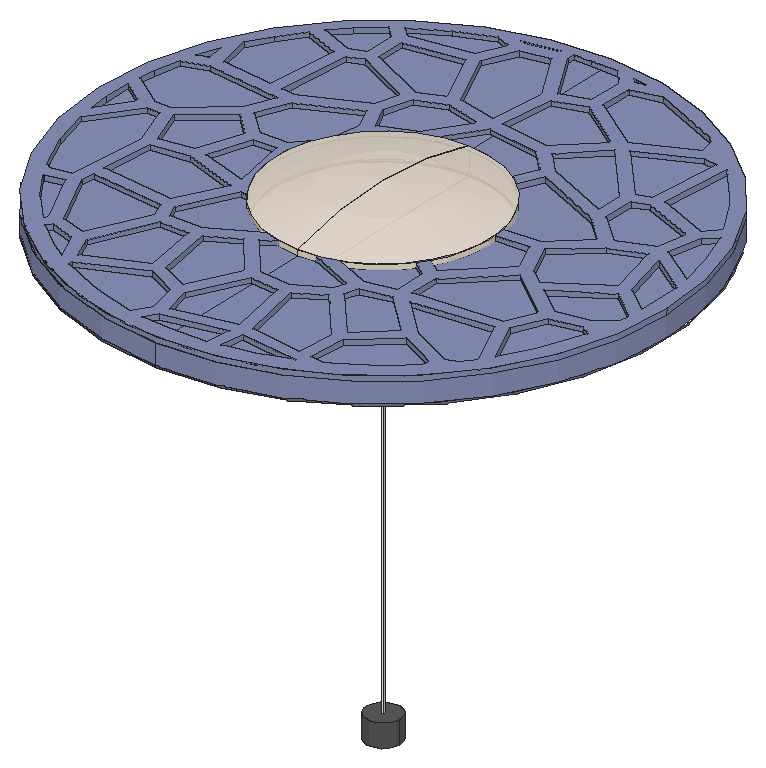
Revit family "Haworth_BuzziMoon_Light", category Lighting Fixtures, host Face, Revit 2018 (continued)
Definition of nested family "Haworth_BuzziMoon_Pendant_Large_PART"
  Automatic sketch dimensions
    Extrusion 5 sketch curve to Extrusion 5 sketch curve = 1.06773"
    plane 8 "Inside Back" to Extrusion 5 sketch curve = 0.51544"
    Extrusion 5 sketch curve to Extrusion 5 sketch curve = 4.77837"
    Extrusion 5 sketch curve to plane 8 "Inside Back" = 0.48743"
    Extrusion 5 sketch curve to Extrusion 5 sketch curve = 0.19104"
    Extrusion 5 sketch curve to plane 9 "Inside Front" = 3.69753"
    Extrusion 5 sketch curve to Extrusion 5 sketch curve = 0.99005"
    plane 10 "Cable Back" to Extrusion 5 sketch curve = 0.30795"
    Extrusion 5 sketch curve to Extrusion 5 sketch curve = 0.60019"
    Extrusion 5 sketch curve to plane 4 "Front" = 2.76216"
    Extrusion 5 sketch curve to Extrusion 5 sketch curve = 2.89799"
    Extrusion 5 sketch curve to plane 5 "Back" = 2.25194"
    Extrusion 5 sketch curve to Extrusion 5 sketch curve = 2.87472"
    Extrusion 5 sketch curve to Extrusion 5 sketch curve = 0.86664"
    plane 8 "Inside Back" to Extrusion 5 sketch curve = 0.21706"
    Extrusion 5 sketch curve to Extrusion 5 sketch curve = 0.93819"
    Extrusion 5 sketch curve to Extrusion 5 sketch curve = 0.23372"
    Extrusion 5 sketch curve to Extrusion 5 sketch curve = 0.05133"
    Extrusion 5 sketch curve to plane 9 "Inside Front" = 3.64438"
    Extrusion 5 sketch curve to Extrusion 5 sketch curve = 0.56586"
    Extrusion 5 sketch curve to plane 8 "Inside Back" = 2.36002"
    Extrusion 5 sketch curve to Extrusion 5 sketch curve = 0.359"
    plane 10 "Cable Back" to Extrusion 5 sketch curve = 1.11662"
    Extrusion 5 sketch curve to Extrusion 5 sketch curve = 0.59643"  (x2)
    Extrusion 5 sketch curve to Extrusion 5 sketch curve = 2.36905"
    plane 9 "Inside Front" to Extrusion 5 sketch curve = 1.64206"
    Extrusion 5 sketch curve to Extrusion 5 sketch curve = 0.2811"
    plane 10 "Cable Back" to Extrusion 5 sketch curve = 0.21873"
    Extrusion 5 sketch curve to Extrusion 5 sketch curve = 0.40322"  (x2)
    Extrusion 5 sketch curve to plane 4 "Front" = 2.43089"
    Extrusion 5 sketch curve to Extrusion 5 sketch curve = 0.99539"
    Extrusion 5 sketch curve to Extrusion 5 sketch curve = 0.88132"  (x2)
    Extrusion 5 sketch curve to plane 8 "Inside Back" = 1.66112"
    Extrusion 5 sketch curve to Extrusion 5 sketch curve = 0.74996"
    Extrusion 5 sketch curve to plane 5 "Back" = 2.75501"
    Extrusion 5 sketch curve to Extrusion 5 sketch curve = 1.25631"
    Extrusion 5 sketch curve to Extrusion 5 sketch curve = 0.78185"
    plane 9 "Inside Front" to Extrusion 5 sketch curve = 2.38482"
    Extrusion 5 sketch curve to Extrusion 5 sketch curve = 0.95751"
    Extrusion 5 sketch curve to plane 5 "Back" = 1.78296"
    Extrusion 5 sketch curve to Extrusion 5 sketch curve = 0.22019"
    Extrusion 5 sketch curve to Extrusion 5 sketch curve = 0.54966"  (x2)
    Extrusion 5 sketch curve to plane 5 "Back" = 1.97561"
    Extrusion 5 sketch curve to Extrusion 5 sketch curve = 0.48112"
    Extrusion 5 sketch curve to plane 5 "Back" = 1.63399"
    Extrusion 5 sketch curve to Extrusion 5 sketch curve = 0.12071"
    Extrusion 5 sketch curve to Extrusion 5 sketch curve = 0.30682"
    Extrusion 5 sketch curve to Extrusion 5 sketch curve = 0.43971"  (x2)
    plane 10 "Cable Back" to Extrusion 5 sketch curve = 1.96409"
    Extrusion 5 sketch curve to Extrusion 5 sketch curve = 1.91858"
    plane 10 "Cable Back" to Extrusion 5 sketch curve = 1.20306"
    Extrusion 5 sketch curve to Extrusion 5 sketch curve = 0.71307"
    Extrusion 5 sketch curve to Extrusion 5 sketch curve = 0.28604"
    plane 9 "Inside Front" to Extrusion 5 sketch curve = 0.98702"
    Extrusion 5 sketch curve to Extrusion 5 sketch curve = 2.34744"
    Extrusion 5 sketch curve to plane 8 "Inside Back" = 0.53252"
    Extrusion 5 sketch curve to Extrusion 5 sketch curve = 2.70638"
    Extrusion 5 sketch curve to plane 4 "Front" = 1.6841"
    Extrusion 5 sketch curve to Extrusion 5 sketch curve = 3.05862"
    Extrusion 5 sketch curve to Extrusion 5 sketch curve = 2.26903"
    Extrusion 5 sketch curve to Extrusion 5 sketch curve = 2.53339"  (x2)
    Extrusion 5 sketch curve to plane 9 "Inside Front" = 0.5465"
    Extrusion 5 sketch curve to Extrusion 5 sketch curve = 0.65159"
    Extrusion 5 sketch curve to Extrusion 5 sketch curve = 0.19689"
    Extrusion 5 sketch curve to Extrusion 5 sketch curve = 0.25172"
    plane 9 "Inside Front" to Extrusion 5 sketch curve = 0.47802"
    Extrusion 5 sketch curve to Extrusion 5 sketch curve = 0.85481"
    Extrusion 5 sketch curve to Extrusion 5 sketch curve = 0.9371"
    Extrusion 5 sketch curve to Extrusion 5 sketch curve = 1.09978"
    Extrusion 5 sketch curve to plane 8 "Inside Back" = 0.31021"
    Extrusion 5 sketch curve to Extrusion 5 sketch curve = 1.3314"
    Extrusion 5 sketch curve to Extrusion 5 sketch curve = 0.94454"
    Extrusion 5 sketch curve to Extrusion 5 sketch curve = 0.73253"
    Extrusion 5 sketch curve to Extrusion 5 sketch curve = 0.82303"
    Extrusion 5 sketch curve to plane 9 "Inside Front" = 0.17797"
    Extrusion 5 sketch curve to Extrusion 5 sketch curve = 1.10167"
    Extrusion 5 sketch curve to Extrusion 5 sketch curve = 0.89847"
    plane 10 "Cable Back" to Extrusion 5 sketch curve = 0.59177"
    Extrusion 5 sketch curve to plane 3 "Center (Left/Right)" = 1.40352"
    Extrusion 5 sketch curve to Extrusion 5 sketch curve = 0.38731"
    Extrusion 5 sketch curve to plane 3 "Center (Left/Right)" = 0.9784"
    Extrusion 5 sketch curve to plane 3 "Center (Left/Right)" = 0.85219"
    Extrusion 5 sketch curve to plane 3 "Center (Left/Right)" = 0.5055"
    Extrusion 5 sketch curve to plane 3 "Center (Left/Right)" = 0.3472"
    Extrusion 5 sketch curve to plane 3 "Center (Left/Right)" = 0.15046"
    Extrusion 5 sketch curve to plane 3 "Center (Left/Right)" = 0.10165"
    Extrusion 5 sketch curve to plane 3 "Center (Left/Right)" = 0.04402"
    plane 3 "Center (Left/Right)" to Extrusion 5 sketch curve = 0.10604"
    plane 3 "Center (Left/Right)" to Extrusion 5 sketch curve = 0.22207"
    plane 3 "Center (Left/Right)" to Extrusion 5 sketch curve = 0.45599"
    Extrusion 5 sketch curve to Extrusion 5 sketch curve = 0.84502"
    plane 3 "Center (Left/Right)" to Extrusion 5 sketch curve = 1.40498"
    Extrusion 5 sketch curve to plane 9 "Inside Front" = 0.11763"
    plane 3 "Center (Left/Right)" to Extrusion 5 sketch curve = 1.41769"
    plane 3 "Center (Left/Right)" to Extrusion 5 sketch curve = 2.22563"
    Extrusion 5 sketch curve to Extrusion 5 sketch curve = 1.08353"
    Extrusion 5 sketch curve to Extrusion 5 sketch curve = 0.27982"
    Extrusion 5 sketch curve to plane 5 "Back" = 1.12908"
    Extrusion 5 sketch curve to Extrusion 5 sketch curve = 0.32947"
    Extrusion 5 sketch curve to Extrusion 5 sketch curve = 0.42115"
    Extrusion 5 sketch curve to Extrusion 5 sketch curve = 1.9824"
    Extrusion 5 sketch curve to plane 9 "Inside Front" = 0.53765"
    Extrusion 5 sketch curve to plane 5 "Back" = 1.52053"
    Extrusion 5 sketch curve to Extrusion 5 sketch curve = 0.33667"
    Extrusion 5 sketch curve to Extrusion 5 sketch curve = 0.95714"
    Extrusion 5 sketch curve to Extrusion 5 sketch curve = 0.28325"
    Extrusion 5 sketch curve to Extrusion 5 sketch curve = 0.0128"
    Extrusion 5 sketch curve to Extrusion 5 sketch curve = 0.31812"
    Extrusion 5 sketch curve to plane 10 "Cable Back" = 0.14323"
    plane 3 "Center (Left/Right)" to Extrusion 5 sketch curve = 3.93183"
    Extrusion 5 sketch curve to plane 4 "Front" = 1.75624"
    Extrusion 5 sketch curve to Extrusion 5 sketch curve = 1.01562"
    Extrusion 5 sketch curve to plane 5 "Back" = 1.30814"
    Extrusion 5 sketch curve to Extrusion 5 sketch curve = 0.8312"
    plane 10 "Cable Back" to Extrusion 5 sketch curve = 0.84143"
    Extrusion 5 sketch curve to Extrusion 5 sketch curve = 0.05922"
    Extrusion 5 sketch curve to Extrusion 5 sketch curve = 0.98632"
    Extrusion 5 sketch curve to Extrusion 5 sketch curve = 0.00961"
    Extrusion 5 sketch curve to plane 8 "Inside Back" = 1.41818"
    Extrusion 5 sketch curve to Extrusion 5 sketch curve = 0.8784"
    plane 10 "Cable Back" to Extrusion 5 sketch curve = 0.31389"
    Extrusion 5 sketch curve to Extrusion 5 sketch curve = 0.86714"
    plane 9 "Inside Front" to Extrusion 5 sketch curve = 2.3941"
    Extrusion 5 sketch curve to Extrusion 5 sketch curve = 2.41791"
    Extrusion 5 sketch curve to Extrusion 5 sketch curve = 0.30593"
    plane 9 "Inside Front" to Extrusion 5 sketch curve = 1.42783"
    Extrusion 5 sketch curve to Extrusion 5 sketch curve = 0.39853"
    plane 8 "Inside Back" to Extrusion 5 sketch curve = 0.35855"
    Extrusion 5 sketch curve to Extrusion 5 sketch curve = 0.80611"
    Extrusion 5 sketch curve to plane 8 "Inside Back" = 2.01082"
    Extrusion 5 sketch curve to plane 5 "Back" = 1.8566"
    Extrusion 5 sketch curve to Extrusion 5 sketch curve = 1.82933"
    plane 9 "Inside Front" to Extrusion 5 sketch curve = 2.62974"
    Extrusion 5 sketch curve to Extrusion 5 sketch curve = 0.66156"
    plane 9 "Inside Front" to Extrusion 5 sketch curve = 0.63768"
    Extrusion 5 sketch curve to Extrusion 5 sketch curve = 0.67805"
    plane 9 "Inside Front" to Extrusion 5 sketch curve = 1.56971"
    Extrusion 5 sketch curve to Extrusion 5 sketch curve = 0.32811"
    Extrusion 5 sketch curve to plane 8 "Inside Back" = 0.17327"
    Extrusion 5 sketch curve to Extrusion 5 sketch curve = 0.83953"
    plane 8 "Inside Back" to Extrusion 5 sketch curve = 0.8766"
    Extrusion 5 sketch curve to Extrusion 5 sketch curve = 0.86765"
    Extrusion 5 sketch curve to plane 4 "Front" = 2.38585"
    Extrusion 5 sketch curve to Extrusion 5 sketch curve = 2.5833"
    Extrusion 5 sketch curve to plane 9 "Inside Front" = 3.46533"
    Extrusion 5 sketch curve to Extrusion 5 sketch curve = 1.02666"
    Extrusion 5 sketch curve to Extrusion 5 sketch curve = 2.20238"
    Extrusion 5 sketch curve to plane 4 "Front" = 2.72554"
    Extrusion 5 sketch curve to Extrusion 5 sketch curve = 0.95505"
    Extrusion 5 sketch curve to plane 9 "Inside Front" = 4.27802"
    plane 10 "Cable Back" to Extrusion 5 sketch curve = 3.22384"
    Extrusion 5 sketch curve to Extrusion 5 sketch curve = 0.75407"
    Extrusion 5 sketch curve to Extrusion 5 sketch curve = 0.81404"
    plane 9 "Inside Front" to Extrusion 5 sketch curve = 0.03915"
    Extrusion 5 sketch curve to Extrusion 5 sketch curve = 2.34242"
    Extrusion 5 sketch curve to Extrusion 5 sketch curve = 0.99355"
    plane 10 "Cable Back" to Extrusion 5 sketch curve = 3.78144"
    Extrusion 5 sketch curve to Extrusion 5 sketch curve = 0.82137"
    plane 9 "Inside Front" to Extrusion 5 sketch curve = 0.9665"
    Extrusion 5 sketch curve to Extrusion 5 sketch curve = 0.34646"
    Extrusion 5 sketch curve to plane 1 "Center (Front/Back)" = 1.62232"
    Extrusion 5 sketch curve to Extrusion 5 sketch curve = 3.08871"
    Extrusion 5 sketch curve to Extrusion 5 sketch curve = 0.26963"
    Extrusion 5 sketch curve to plane 9 "Inside Front" = 3.48567"
    Extrusion 5 sketch curve to Extrusion 5 sketch curve = 0.43446"
    Extrusion 5 sketch curve to plane 1 "Center (Front/Back)" = 0.64512"
    Extrusion 5 sketch curve to plane 4 "Front" = 3.29472"
    Extrusion 5 sketch curve to Extrusion 5 sketch curve = 0.53136"
    Extrusion 5 sketch curve to Extrusion 5 sketch curve = 0.55151"
    Extrusion 5 sketch curve to plane 9 "Inside Front" = 2.64819"
    Extrusion 5 sketch curve to Extrusion 5 sketch curve = 0.98425"
    Extrusion 5 sketch curve to plane 4 "Front" = 4.24117"
    Extrusion 5 sketch curve to Extrusion 5 sketch curve = 0.98179"
    plane 9 "Inside Front" to Extrusion 5 sketch curve = 0.78744"
    Extrusion 5 sketch curve to Extrusion 5 sketch curve = 0.58886"
    Extrusion 5 sketch curve to plane 4 "Front" = 4.13433"
    Extrusion 5 sketch curve to Extrusion 5 sketch curve = 1.13748"  (x2)
    Extrusion 5 sketch curve to plane 5 "Back" = 4.07861"
    Extrusion 5 sketch curve to Extrusion 5 sketch curve = 3.5539"
    Extrusion 5 sketch curve to plane 1 "Center (Front/Back)" = 0.86541"
    Extrusion 5 sketch curve to Extrusion 5 sketch curve = 2.67437"
    Extrusion 5 sketch curve to plane 4 "Front" = 4.58651"
    Extrusion 5 sketch curve to Extrusion 5 sketch curve = 0.91953"
    Extrusion 5 sketch curve to plane 1 "Center (Front/Back)" = 1.86107"
    Extrusion 5 sketch curve to Extrusion 5 sketch curve = 0.09799"
    Extrusion 5 sketch curve to plane 8 "Inside Back" = 1.31069"
    Extrusion 5 sketch curve to Extrusion 5 sketch curve = 5.45456"
    plane 9 "Inside Front" to Extrusion 5 sketch curve = 4.15372"
    Extrusion 5 sketch curve to Extrusion 5 sketch curve = 2.65806"
    Extrusion 5 sketch curve to plane 5 "Back" = 4.44237"
    Extrusion 5 sketch curve to Extrusion 5 sketch curve = 0.59364"
    Extrusion 5 sketch curve to plane 8 "Inside Back" = 2.46324"
    Extrusion 5 sketch curve to Extrusion 5 sketch curve = 0.22661"
    Extrusion 5 sketch curve to Extrusion 5 sketch curve = 0.33935"
    Extrusion 5 sketch curve to plane 1 "Center (Front/Back)" = 1.2589"
    Extrusion 5 sketch curve to Extrusion 5 sketch curve = 0.90247"
    Extrusion 5 sketch curve to plane 10 "Cable Back" = 0.60012"
    Extrusion 5 sketch curve to Extrusion 5 sketch curve = 0.62645"
    plane 1 "Center (Front/Back)" to Extrusion 5 sketch curve = 1.61666"
    Extrusion 5 sketch curve to Extrusion 5 sketch curve = 1.15257"
    plane 9 "Inside Front" to Extrusion 5 sketch curve = 4.75099"
    Extrusion 5 sketch curve to Extrusion 5 sketch curve = 0.80798"
    Extrusion 5 sketch curve to Extrusion 5 sketch curve = 0.3578"
    plane 9 "Inside Front" to Extrusion 5 sketch curve = 3.75698"
    Extrusion 5 sketch curve to Extrusion 5 sketch curve = 0.19524"
    Extrusion 5 sketch curve to Extrusion 5 sketch curve = 0.66623"
    plane 1 "Center (Front/Back)" to Extrusion 5 sketch curve = 2.37594"
    Extrusion 5 sketch curve to Extrusion 5 sketch curve = 0.63068"
    Extrusion 5 sketch curve to plane 10 "Cable Back" = 0.1436"
    Extrusion 5 sketch curve to Extrusion 5 sketch curve = 1.09476"
    plane 1 "Center (Front/Back)" to Extrusion 5 sketch curve = 1.41033"
    Extrusion 5 sketch curve to Extrusion 5 sketch curve = 0.98938"
    Extrusion 5 sketch curve to Extrusion 5 sketch curve = 2.1623"
    Extrusion 5 sketch curve to plane 10 "Cable Back" = 1.01153"
    Extrusion 5 sketch curve to Extrusion 5 sketch curve = 0.47593"
    Extrusion 5 sketch curve to Extrusion 5 sketch curve = 0.5746"
    Extrusion 5 sketch curve to plane 1 "Center (Front/Back)" = 4.33939"
    Extrusion 5 sketch curve to Extrusion 5 sketch curve = 2.26832"
    Extrusion 5 sketch curve to plane 10 "Cable Back" = 0.15031"
    plane 1 "Center (Front/Back)" to Extrusion 5 sketch curve = 2.39931"
    Extrusion 5 sketch curve to Extrusion 5 sketch curve = 1.28724"
    Extrusion 5 sketch curve to Extrusion 5 sketch curve = 0.97472"
    Extrusion 5 sketch curve to plane 8 "Inside Back" = 3.95031"
    Extrusion 5 sketch curve to Extrusion 5 sketch curve = 0.83626"
    Extrusion 5 sketch curve to plane 1 "Center (Front/Back)" = 3.91251"
    Extrusion 5 sketch curve to Extrusion 5 sketch curve = 0.16599"
    plane 1 "Center (Front/Back)" to Extrusion 5 sketch curve = 3.03387"
    Extrusion 5 sketch curve to Extrusion 5 sketch curve = 0.82594"
    Extrusion 5 sketch curve to Extrusion 5 sketch curve = 1.53895"
    Extrusion 5 sketch curve to Extrusion 5 sketch curve = 0.18318"
    Extrusion 5 sketch curve to plane 9 "Inside Front" = 0.97334"
    Extrusion 5 sketch curve to Extrusion 5 sketch curve = 0.56984"
    plane 9 "Inside Front" to Extrusion 5 sketch curve = 0.01344"
    Extrusion 5 sketch curve to Extrusion 5 sketch curve = 0.03763"
    Extrusion 5 sketch curve to plane 9 "Inside Front" = 0.52001"
    Extrusion 5 sketch curve to Extrusion 5 sketch curve = 0.87514"
    Extrusion 5 sketch curve to Extrusion 5 sketch curve = 1.06776"
    Extrusion 5 sketch curve to Extrusion 5 sketch curve = 2.27045"
    Extrusion 5 sketch curve to Extrusion 5 sketch curve = 0.86105"
    Extrusion 5 sketch curve to plane 8 "Inside Back" = 2.80851"
    Extrusion 5 sketch curve to Extrusion 5 sketch curve = 2.73804"
    Extrusion 5 sketch curve to Extrusion 5 sketch curve = 0.09501"
    Extrusion 5 sketch curve to Extrusion 5 sketch curve = 0.72589"
    plane 10 "Cable Back" to Extrusion 5 sketch curve = 2.26952"
    Extrusion 5 sketch curve to Extrusion 5 sketch curve = 0.72103"
    Extrusion 5 sketch curve to Extrusion 5 sketch curve = 0.79257"
    Extrusion 5 sketch curve to Extrusion 5 sketch curve = 0.2309"
    Extrusion 5 sketch curve to plane 8 "Inside Back" = 0.35468"
    Extrusion 5 sketch curve to Extrusion 5 sketch curve = 0.50646"
    Extrusion 5 sketch curve to Extrusion 5 sketch curve = 0.64508"
    plane 8 "Inside Back" to Extrusion 5 sketch curve = 0.53587"
    Extrusion 5 sketch curve to Extrusion 5 sketch curve = 0.43101"
    Extrusion 5 sketch curve to Extrusion 5 sketch curve = 0.97952"
    Extrusion 5 sketch curve to Extrusion 5 sketch curve = 1.12626"
    Extrusion 5 sketch curve to plane 1 "Center (Front/Back)" = 0.44481"
    Extrusion 5 sketch curve to Extrusion 5 sketch curve = 0.05787"
    Extrusion 5 sketch curve to plane 8 "Inside Back" = 0.27299"
    Extrusion 5 sketch curve to Extrusion 5 sketch curve = 0.59085"
    plane 1 "Center (Front/Back)" to Extrusion 5 sketch curve = 0.37534"
    Extrusion 5 sketch curve to Extrusion 5 sketch curve = 0.54416"
    Extrusion 5 sketch curve to plane 10 "Cable Back" = 0.60895"
    Extrusion 5 sketch curve to Extrusion 5 sketch curve = 1.03603"
    plane 9 "Inside Front" to Extrusion 5 sketch curve = 0.56224"
    Extrusion 5 sketch curve to Extrusion 5 sketch curve = 1.3535"
    Extrusion 5 sketch curve to plane 1 "Center (Front/Back)" = 0.51581"
    Extrusion 5 sketch curve to Extrusion 5 sketch curve = 0.4541"
    plane 8 "Inside Back" to Extrusion 5 sketch curve = 0.693"
    Extrusion 5 sketch curve to Extrusion 5 sketch curve = 0.46036"
    Extrusion 5 sketch curve to plane 9 "Inside Front" = 0.35558"
    Extrusion 5 sketch curve to Extrusion 5 sketch curve = 0.4151"
    Extrusion 5 sketch curve to Extrusion 5 sketch curve = 2.59229"
    Extrusion 5 sketch curve to Extrusion 5 sketch curve = 0.10962"
    Extrusion 5 sketch curve to plane 6 "Left" = 2.14687"
    Extrusion 5 sketch curve to Extrusion 5 sketch curve = 0.78726"
    Extrusion 5 sketch curve to plane 6 "Left" = 1.47497"
    Extrusion 5 sketch curve to plane 6 "Left" = 1.43095"
    Extrusion 5 sketch curve to Extrusion 5 sketch curve = 0.1139"
    Extrusion 5 sketch curve to Extrusion 5 sketch curve = 0.17337"
    Extrusion 5 sketch curve to Extrusion 5 sketch curve = 0.09984"
    Extrusion 5 sketch curve to plane 6 "Left" = 1.20866"
    Extrusion 5 sketch curve to Extrusion 5 sketch curve = 0.15755"
    Extrusion 5 sketch curve to Extrusion 5 sketch curve = 0.14687"
    Extrusion 5 sketch curve to plane 4 "Front" = 1.45964"
    Extrusion 5 sketch curve to Extrusion 5 sketch curve = 0.0474"
    Extrusion 5 sketch curve to Extrusion 5 sketch curve = 0.93966"
    Extrusion 5 sketch curve to Extrusion 5 sketch curve = 0.54067"
    Extrusion 5 sketch curve to Extrusion 5 sketch curve = 0.48755"
    Extrusion 5 sketch curve to Extrusion 5 sketch curve = 1.88012"
    Extrusion 5 sketch curve to Extrusion 5 sketch curve = 0.10796"
    Extrusion 5 sketch curve to Extrusion 5 sketch curve = 0.09204"
    Extrusion 5 sketch curve to Extrusion 5 sketch curve = 1.01362"
    Extrusion 5 sketch curve to Extrusion 5 sketch curve = 0.98949"
    Extrusion 5 sketch curve to Extrusion 5 sketch curve = 1.98345"
    Extrusion 5 sketch curve to Extrusion 5 sketch curve = 0.99264"
    Extrusion 5 sketch curve to Extrusion 5 sketch curve = 0.28508"
    Extrusion 5 sketch curve to Extrusion 5 sketch curve = 1.47799"
    Extrusion 5 sketch curve to Extrusion 5 sketch curve = 0.99149"
    Extrusion 5 sketch curve to Extrusion 5 sketch curve = 0.4877"
    Extrusion 5 sketch curve to Extrusion 5 sketch curve = 0.15792"
    Extrusion 5 sketch curve to Extrusion 5 sketch curve = 1.29778"
    Extrusion 5 sketch curve to Extrusion 5 sketch curve = 0.18803"
    Extrusion 5 sketch curve to Extrusion 5 sketch curve = 3.04143"
    Extrusion 5 sketch curve to Extrusion 5 sketch curve = 0.0714"
    Extrusion 5 sketch curve to Extrusion 5 sketch curve = 0.82999"
    Extrusion 5 sketch curve to Extrusion 5 sketch curve = 0.42611"
    Extrusion 5 sketch curve to Extrusion 5 sketch curve = 0.67833"
    Extrusion 5 sketch curve to Extrusion 5 sketch curve = 0.60571"
    Extrusion 5 sketch curve to Extrusion 5 sketch curve = 1.35098"
    Extrusion 5 sketch curve to Extrusion 5 sketch curve = 0.35873"
    Extrusion 5 sketch curve to Extrusion 5 sketch curve = 0.86508"
    Extrusion 5 sketch curve to Extrusion 5 sketch curve = 0.37999"
    Extrusion 5 sketch curve to Extrusion 5 sketch curve = 0.62339"
    Extrusion 5 sketch curve to Extrusion 5 sketch curve = 1.18946"
    Extrusion 5 sketch curve to Extrusion 5 sketch curve = 0.80867"
    Extrusion 5 sketch curve to Extrusion 5 sketch curve = 0.38034"
    Extrusion 5 sketch curve to Extrusion 5 sketch curve = 2.53462"
    Extrusion 5 sketch curve to Extrusion 5 sketch curve = 0.62834"
    Extrusion 5 sketch curve to Extrusion 5 sketch curve = 0.14868"
    Extrusion 5 sketch curve to Extrusion 5 sketch curve = 0.23442"
    Extrusion 5 sketch curve to Extrusion 5 sketch curve = 0.44738"
    Extrusion 5 sketch curve to Extrusion 5 sketch curve = 1.03803"
    Extrusion 5 sketch curve to Extrusion 5 sketch curve = 0.73396"
    Extrusion 5 sketch curve to Extrusion 5 sketch curve = 0.542"
    Extrusion 5 sketch curve to Extrusion 5 sketch curve = 0.7389"
    Extrusion 5 sketch curve to Extrusion 5 sketch curve = 0.94809"
    Extrusion 5 sketch curve to Extrusion 5 sketch curve = 1.03972"
    Extrusion 5 sketch curve to Extrusion 5 sketch curve = 0.09379"
    Extrusion 5 sketch curve to plane 9 "Inside Front" = 0.13328"
    Extrusion 5 sketch curve to plane 9 "Inside Front" = 1.79583"
    Extrusion 5 sketch curve to Extrusion 5 sketch curve = 0.05541"
    Extrusion 5 sketch curve to Extrusion 5 sketch curve = 2.70689"
    Extrusion 5 sketch curve to Extrusion 5 sketch curve = 0.27337"
    Extrusion 5 sketch curve to Extrusion 5 sketch curve = 0.55325"
    Extrusion 5 sketch curve to Extrusion 5 sketch curve = 0.95687"
    Extrusion 5 sketch curve to Extrusion 5 sketch curve = 0.98447"
    Extrusion 5 sketch curve to Extrusion 5 sketch curve = 0.97757"
    Extrusion 5 sketch curve to Extrusion 5 sketch curve = 3.18158"
    Extrusion 5 sketch curve to Extrusion 5 sketch curve = 0.36322"
    Extrusion 5 sketch curve to Extrusion 5 sketch curve = 1.12072"
    Extrusion 5 sketch curve to Extrusion 5 sketch curve = 1.38392"
    Extrusion 5 sketch curve to Extrusion 5 sketch curve = 0.86326"
    plane 1 "Center (Front/Back)" to Extrusion 5 sketch curve = 1.11537"
    plane 1 "Center (Front/Back)" to Extrusion 5 sketch curve = 0.85307"
    Extrusion 5 sketch curve to plane 1 "Center (Front/Back)" = 0.71948"
    Extrusion 5 sketch curve to plane 1 "Center (Front/Back)" = 1.09846"
    Extrusion 5 sketch curve to plane 1 "Center (Front/Back)" = 1.45933"
    Extrusion 5 sketch curve to Extrusion 5 sketch curve = 1.1255"
    Extrusion 5 sketch curve to Extrusion 5 sketch curve = 1.4904"
    Extrusion 5 sketch curve to Extrusion 5 sketch curve = 1.20061"
    Extrusion 5 sketch curve to Extrusion 5 sketch curve = 1.28328"
    Extrusion 5 sketch curve to Extrusion 5 sketch curve = 1.45085"
    Extrusion 5 sketch curve to Extrusion 5 sketch curve = 1.02678"
    Extrusion 5 sketch curve to Extrusion 5 sketch curve = 0.12344"
    Extrusion 5 sketch curve to Extrusion 5 sketch curve = 1.51387"
    Extrusion 5 sketch curve to Extrusion 5 sketch curve = 0.9557"
    Extrusion 5 sketch curve to plane 8 "Inside Back" = 2.11171"
    Extrusion 5 sketch curve to Extrusion 5 sketch curve = 0.64162"
    Extrusion 5 sketch curve to Extrusion 5 sketch curve = 0.3451"
    plane 8 "Inside Back" to Extrusion 5 sketch curve = 0.73268"
    plane 8 "Inside Back" to Extrusion 5 sketch curve = 0.87333"
    plane 10 "Cable Back" to Extrusion 5 sketch curve = 0.40168"
    Extrusion 5 sketch curve to Extrusion 5 sketch curve = 0.95359"
    Extrusion 5 sketch curve to Extrusion 5 sketch curve = 0.16223"
    Extrusion 5 sketch curve to Extrusion 5 sketch curve = 0.94627"
    Extrusion 5 sketch curve to Extrusion 5 sketch curve = 1.9305"
    Extrusion 5 sketch curve to Extrusion 5 sketch curve = 0.93598"
    Extrusion 5 sketch curve to Extrusion 5 sketch curve = 0.85217"
    Extrusion 5 sketch curve to Extrusion 5 sketch curve = 0.01323"
    Extrusion 5 sketch curve to Extrusion 5 sketch curve = 0.63883"
    Extrusion 5 sketch curve to Extrusion 5 sketch curve = 0.80363"
    Extrusion 5 sketch curve to Extrusion 5 sketch curve = 0.64117"
    Extrusion 5 sketch curve to Extrusion 5 sketch curve = 1.34807"
    Extrusion 5 sketch curve to Extrusion 5 sketch curve = 2.47809"
    Extrusion 5 sketch curve to Extrusion 5 sketch curve = 4.43107"
    Extrusion 5 sketch curve to Extrusion 5 sketch curve = 0.1506"
    Extrusion 5 sketch curve to Extrusion 5 sketch curve = 0.19848"
    Extrusion 5 sketch curve to Extrusion 5 sketch curve = 0.10684"
    Extrusion 5 sketch curve to Extrusion 5 sketch curve = 0.25713"
    Extrusion 5 sketch curve to Extrusion 5 sketch curve = 3.24325"
    Extrusion 5 sketch curve to Extrusion 5 sketch curve = 0.82902"
    Extrusion 5 sketch curve to Extrusion 5 sketch curve = 0.74282"
    Extrusion 5 sketch curve to Extrusion 5 sketch curve = 0.7692"
    Extrusion 5 sketch curve to Extrusion 5 sketch curve = 0.95988"
    Extrusion 5 sketch curve to Extrusion 5 sketch curve = 0.60046"
    Extrusion 5 sketch curve to Extrusion 5 sketch curve = 0.80759"
    Extrusion 5 sketch curve to Extrusion 5 sketch curve = 0.08903"
    Extrusion 5 sketch curve to Extrusion 5 sketch curve = 0.93959"
    Extrusion 5 sketch curve to Extrusion 5 sketch curve = 0.93459"
    Extrusion 5 sketch curve to plane 5 "Back" = 2.38393"
    Extrusion 5 sketch curve to Extrusion 5 sketch curve = 0.73492"
    Extrusion 5 sketch curve to Extrusion 5 sketch curve = 0.69436"
    Extrusion 5 sketch curve to Extrusion 5 sketch curve = 0.95213"
    Extrusion 5 sketch curve to Extrusion 5 sketch curve = 0.25359"
    Extrusion 5 sketch curve to Extrusion 5 sketch curve = 0.63014"
    Extrusion 5 sketch curve to plane 5 "Back" = 0.9956"
    Extrusion 5 sketch curve to plane 5 "Back" = 0.98082"
    plane 1 "Center (Front/Back)" to Extrusion 5 sketch curve = 1.37292"
    Extrusion 5 sketch curve to Extrusion 5 sketch curve = 1.13287"
    Extrusion 5 sketch curve to plane 9 "Inside Front" = 0.29221"
    Extrusion 5 sketch curve to Extrusion 5 sketch curve = 0.2372"
    Extrusion 5 sketch curve to Extrusion 5 sketch curve = 0.05771"
    Revolve 6 sketch curve to plane 12 "Screen End" = 0.000"
    Revolve 6 sketch curve to level = 17.28091"
    Revolve 6 sketch curve to level = 3.000"
    Revolve 6 sketch curve to Revolve 6 sketch curve = 11.34415"
    Revolve 7 sketch curve to Revolve 7 sketch curve = 2.42756"
    plane 12 "Screen End" to Revolve 7 sketch curve = 6.740"
    Revolve 8 sketch curve to level = 3.750"
    plane 15 "Support End" to Revolve 8 sketch curve = 1.750"
    radius of Extrusion 4 sketch curve = 21.03888"
    radius of Extrusion 4 sketch curve = 20.0501"
    radius of Extrusion 4 sketch curve = 17.09732"
    radius of Extrusion 4 sketch curve = 16.12524"
    radius of Extrusion 4 sketch curve = 13.18179"
    radius of Extrusion 4 sketch curve = 12.19438"
    radius of Extrusion 4 sketch curve = 10.22269"
    radius of Extrusion 4 sketch curve = 8.89764"
    radius of Extrusion 4 sketch curve = 8.85827"
    radius of Extrusion 5 sketch curve = 23.62205"
    radius of Blend 9 sketch curve = 0.04466"
    radius of Blend 9 sketch curve = 0.045"
    radius of Blend 10 sketch curve = 0.04466"
    radius of Blend 10 sketch curve = 0.045"
    radius of Blend 11 sketch curve = 0.04466"
    radius of Blend 11 sketch curve = 0.045"
Definition of nested family "Haworth_BuzziMoon_Pendant_Small_PART"
  Parameters (values of type "Small")
    Warranty = "https://www.haworth.com/resources/product-info/warranties"
    URL - Product = "https://www.haworth.com/products/lighting/acoustic/buzzimoon"
    URL = "https://www.haworth.com/our-brands/haworth-collection"
    Trim Finish = none
    Revision = "1"  # constant formula
    Outside Radius = Actual Width / 2  # 15.750"
    Outer Upholstery Finish = none
    Note = "Verify Final Dim. w/ Haworth"  # constant formula
    Model = "HCBZ-MNP1"  # constant formula
    Manufacturer = "Haworth"  # constant formula
    Inside Radius = 17.720" / 2  # 8.860"
    Glass Finish = none
    Flat = yes
    Description = "Haworth - BuzziMoon - Small Pendant Part"  # constant formula
    Cable Length = 10.000"  # constant formula
    Author = "Haworth (Alias)"  # constant formula
    Assembly Code = "E2020200"
    Actual Width = 31.500"  # constant formula
    Actual Height = 2.360"  # constant formula
    Actual Depth = 31.500"  # constant formula
    3D Rib = yes
    3D Leaf = yes
    3D Drop = yes
  Reference planes (in)
    plane 1 "Center (Front/Back)": y = 0
    plane 2: z = 0
    plane 3 "Center (Left/Right)": x = 0
    plane 4 "Front": y = -15.75
    plane 5 "Back": y = 15.75
    plane 6 "Left": x = 15.75
    plane 7 "Right": x = -15.75
    plane 8 "Inside Back": y = 8.86
    plane 9 "Inside Front": y = -8.86
    plane 10 "Cable Back": y = 11.11
    plane 11 "Cable End": z = 10
    plane 12 "Screen End": z = 12.36
    plane 13: z = 11.96
    plane 14 "Cable Control": z = 10.1
    plane 15: z = 1
  Forms (in)
    Revolve 1, solid, material <- "Outer Upholstery Finish"
      sketch origin (0, 0, 0) x (0, 1, 0) y (0, 0, 1)
        loop
          arc (8.86, 10.25) -> (8.93322, 10.07322) -> (9.11, 10) r 0.25
          line (9.11, 10) -> (15.5, 10)
          arc (15.5, 10) -> (15.67678, 10.07322) -> (15.75, 10.25) r 0.25
          line (15.75, 10.25) -> (15.75, 11.96) -> (8.86, 11.96) -> (8.86, 10.25)
        axis (0, 11.96) -> (0, 10)
      angle from 0 to 360
    Revolve 2, solid, material <- "Outer Upholstery Finish", visible <- "Flat"
      sketch origin (0, 0, 0) x (0, 1, 0) y (0, 0, 1)
        loop
          line (8.86, 11.96) -> (15.75, 11.96) -> (15.75, 12.06)
          arc (15.75, 12.06) -> (15.66213, 12.27213) -> (15.45, 12.36) r 0.3
          line (15.45, 12.36) -> (9.16, 12.36)
          arc (9.16, 12.36) -> (8.94787, 12.27213) -> (8.86, 12.06) r 0.3
          line (8.86, 12.06) -> (8.86, 11.96)
        axis (0, 12.36) -> (0, 11.96)
      angle from 0 to 360
    Extrusion 3, solid, material <- "Outer Upholstery Finish", visible <- "3D Leaf"
      sketch origin (0, 0, 0) x (1, 0, 0) y (0, 1, 0)
        loop
          circle (-0.00197, -0.00197) r 15.74803
        loop
          line (-0.10567, -13.69148) -> (-0.64357, -14.77077)
          arc (-0.64357, -14.77077) -> (0.86653, -14.75915) -> (2.36754, -14.59333) r 14.76378
          line (2.36754, -14.59333) -> (2.22161, -13.84016) -> (-0.10567, -13.69148)
        loop
          line (3.17875, -13.60575) -> (3.33323, -14.40307)
          arc (3.33323, -14.40307) -> (4.79881, -13.98237) -> (6.21319, -13.41276) r 14.76378
          line (6.21319, -13.41276) -> (5.22528, -12.28008) -> (3.17875, -13.60575)
        loop
          line (2.50144, -12.87178) -> (4.91935, -11.30554) -> (5.31787, -10.33927) -> (1.32788, -8.75985)
          arc (1.32788, -8.75985) -> (2.15574, -8.59343) -> (2.964, -8.34894) r 8.85827
          line (2.964, -8.34894) -> (5.99593, -9.54912) -> (8.33834, -8.95059) -> (8.33834, -6.31866) -> (6.99837, -5.43006)
          arc (6.99837, -5.43006) -> (7.28917, -5.0327) -> (7.55744, -4.61979) r 8.85827
          line (7.55744, -4.61979) -> (8.77281, -5.42577) -> (12.65987, -1.66809) -> (11.5073, 0.81398) -> (8.83623, 0.59395)
          arc (8.83623, 0.59395) -> (8.78943, 1.08445) -> (8.71542, 1.57158) r 8.85827
          line (8.71542, 1.57158) -> (11.60529, 1.80963) -> (14.17795, 4.08993)
          arc (14.17795, 4.08993) -> (14.09373, 4.37) -> (14.00399, 4.64836) r 14.76378
          line (14.00399, 4.64836) -> (12.13303, 6.34532) -> (6.45185, 8.63529) -> (5.62755, 6.81846)
          arc (5.62755, 6.81846) -> (5.23958, 7.13961) -> (4.8162, 7.41238) r 4.23096
          line (4.8162, 7.41238) -> (5.61232, 9.16711) -> (3.92782, 10.91533) -> (-0.35121, 11.46024) -> (-2.28828, 8.55617)
          arc (-2.28828, 8.55617) -> (-5.22692, 7.15126) -> (-7.45913, 4.77921) r 8.85827
          line (-7.45913, 4.77921) -> (-7.11459, 6.44854) -> (-8.05825, 8.32113) -> (-12.54838, 6.11315) -> (-13.58583, 3.51558) -> (-11.6307, 1.61889) -> (-9.40796, 1.80199) -> (-8.36714, 2.91228)
          arc (-8.36714, 2.91228) -> (-8.73609, 1.47587) -> (-8.86024, -0.00197) r 8.85827
          arc (-8.86024, -0.00197) -> (-8.41476, -2.77576) -> (-7.12312, -5.27057) r 8.85827
          line (-7.12312, -5.27057) -> (-7.72638, -5.21391) -> (-9.85911, -9.37411) -> (-9.3673, -10.5535) -> (-6.73038, -10.5535) -> (-3.0055, -8.3355)
          arc (-3.0055, -8.3355) -> (-2.35487, -8.54204) -> (-1.69026, -8.69786) r 8.85827
          line (-1.69026, -8.69786) -> (-2.85172, -9.38946) -> (-0.15448, -12.70211) -> (2.50144, -12.87178)
        loop
          line (-0.98242, -13.2441) -> (-3.70653, -9.89846) -> (-6.05397, -11.29626) -> (-5.65816, -13.65826)
          arc (-5.65816, -13.65826) -> (-3.71551, -14.31005) -> (-1.70133, -14.68659) r 14.76378
          line (-1.70133, -14.68659) -> (-0.98242, -13.2441)
        loop
          line (-6.74006, -13.15742) -> (-7.01148, -11.53775) -> (-9.23951, -11.53775)
          arc (-9.23951, -11.53775) -> (-8.03073, -12.41078) -> (-6.74006, -13.15742) r 14.76378
        loop
          line (-10.47794, -10.42397) -> (-10.73795, -9.80393) -> (-11.086, -9.77355)
          arc (-11.086, -9.77355) -> (-10.78687, -10.10335) -> (-10.47794, -10.42397) r 14.76378
        loop
          line (-10.68783, -8.83313) -> (-8.71643, -4.98763) -> (-13.24863, -3.56583) -> (-14.29092, -3.73511)
          arc (-14.29092, -3.73511) -> (-13.34505, -6.34006) -> (-11.92903, -8.72234) r 14.76378
          line (-11.92903, -8.72234) -> (-10.68783, -8.83313)
        loop
          line (-11.44953, 0.64623) -> (-12.58629, -2.74206) -> (-8.65236, -3.97618) -> (-9.57782, 0.80041) -> (-11.44953, 0.64623)
        loop
          line (-13.5846, -2.62325) -> (-12.37816, 0.97271) -> (-14.19089, 2.73126) -> (-14.56197, 2.42354)
          arc (-14.56197, 2.42354) -> (-14.76492, -0.1772) -> (-14.50697, -2.77305) r 14.76378
          line (-14.50697, -2.77305) -> (-13.5846, -2.62325)
        loop
          line (-12.99459, 6.99054) -> (-8.24929, 9.324) -> (-7.64909, 11.36651) -> (-8.74736, 11.8739)
          arc (-8.74736, 11.8739) -> (-11.14186, 9.66782) -> (-12.99459, 6.99054) r 14.76378
        loop
          line (-7.3111, 9.02562) -> (-6.36463, 7.14745) -> (-3.65824, 8.27604) -> (-1.40753, 11.65033) -> (-4.42102, 12.26162) -> (-6.64944, 11.27729) -> (-7.3111, 9.02562)
        loop
          line (-7.05266, 12.17518) -> (-5.13409, 13.02265) -> (-5.44903, 13.70126)
          arc (-5.44903, 13.70126) -> (-6.64856, 13.16208) -> (-7.79535, 12.5183) r 14.76378
          line (-7.79535, 12.5183) -> (-7.05266, 12.17518)
        loop
          line (-4.5188, 14.03493) -> (-4.13498, 13.2079) -> (-1.02023, 12.57606) -> (-0.77803, 14.72243)
          arc (-0.77803, 14.72243) -> (-2.67065, 14.49965) -> (-4.5188, 14.03493) r 14.76378
        loop
          line (3.98703, 11.89999) -> (5.70805, 13.59394)
          arc (5.70805, 13.59394) -> (3.01634, 14.43102) -> (0.21459, 14.74125) r 14.76378
          line (0.21459, 14.74125) -> (-0.04803, 12.41384) -> (3.98703, 11.89999)
        loop
          line (6.66298, 13.15281) -> (4.85417, 11.37245) -> (6.47997, 9.68516) -> (11.90642, 7.49787) -> (11.90642, 8.70601)
          arc (11.90642, 8.70601) -> (9.54715, 11.23888) -> (6.66298, 13.15281) r 14.76378
        loop
          line (14.44673, 3.01293) -> (12.40977, 1.20746) -> (13.64925, -1.46177) -> (14.60114, -2.1931)
          arc (14.60114, -2.1931) -> (14.75532, 0.41678) -> (14.44673, 3.01293) r 14.76378
        loop
          line (14.398, -3.27823) -> (13.29055, -2.42738) -> (9.32259, -6.26325) -> (9.32259, -8.77816) -> (12.12438, -8.44238)
          arc (12.12438, -8.44238) -> (13.5102, -5.96994) -> (14.398, -3.27823) r 14.76378
        loop
          line (11.28845, -9.53386) -> (9.91145, -9.69888) -> (10.56295, -10.33363)
          arc (10.56295, -10.33363) -> (10.93302, -9.94038) -> (11.28845, -9.53386) r 14.76378
        loop
          line (9.85191, -11.01503) -> (8.6848, -9.87794) -> (6.32404, -10.48115) -> (5.88684, -11.54118) -> (7.11898, -12.95389)
          arc (7.11898, -12.95389) -> (8.54063, -12.06225) -> (9.85191, -11.01503) r 14.76378
      from 11.96 to 12.36
    Extrusion 4, solid, material <- "Outer Upholstery Finish", visible <- "3D Rib"
      sketch origin (0, 0, 0) x (1, 0, 0) y (0, 1, 0)
        loop
          line (-14.45245, -6.26076) -> (-14.45245, 6.2434)
          arc (-14.45245, 6.2434) -> (-15.75, -0.00868) -> (-14.45245, -6.26076) r 15.71117
        loop
          arc (-6.68363, 5.78493) -> (-6.2046, 6.29505) -> (-5.68673, 6.7657) r 8.84406
          line (-5.68673, 6.7657) -> (-5.68673, 14.67896)
          arc (-5.68673, 14.67896) -> (-6.18884, 14.47501) -> (-6.68363, 14.25391) r 15.74425
          line (-6.68363, 14.25391) -> (-6.68363, 5.78493)
        loop
          line (-0.64975, 15.72414) -> (-0.64975, 8.81087)
          arc (-0.64975, 8.81087) -> (-0.02017, 8.8346) -> (0.60949, 8.81344) r 8.84406
          line (0.60949, 8.81344) -> (0.60949, 15.72484)
          arc (0.60949, 15.72484) -> (-0.02013, 15.73708) -> (-0.64975, 15.72414) r 15.74349
        loop
          arc (1.86874, 15.62446) -> (1.37099, 15.6763) -> (0.87184, 15.71229) r 15.74336
          line (0.87184, 15.71229) -> (0.87184, 8.79133)
          arc (0.87184, 8.79133) -> (1.37253, 8.72713) -> (1.86874, 8.63447) r 8.84406
          line (1.86874, 8.63447) -> (1.86874, 15.62446)
        loop
          arc (3.12798, 15.42103) -> (2.6309, 15.51386) -> (2.13108, 15.59068) r 15.74325
          line (2.13108, 15.59068) -> (2.13108, 8.57349)
          arc (2.13108, 8.57349) -> (2.63413, 8.43257) -> (3.12798, 8.26218) r 8.84406
          line (3.12798, 8.26218) -> (3.12798, 15.42103)
        loop
          arc (4.38723, 15.11038) -> (3.89086, 15.24601) -> (3.39033, 15.36534) r 15.74315
          line (3.39033, 15.36534) -> (3.39033, 8.15809)
          arc (3.39033, 8.15809) -> (3.89647, 7.92896) -> (4.38723, 7.66851) r 8.84406
          line (4.38723, 7.66851) -> (4.38723, 15.11038)
        loop
          arc (5.64647, 14.6857) -> (5.15092, 14.867) -> (4.64957, 15.03159) r 15.74305
          line (4.64957, 15.03159) -> (4.64957, 7.51246)
          arc (4.64957, 7.51246) -> (5.16048, 7.17143) -> (5.64647, 6.79575) r 8.84406
          line (5.64647, 6.79575) -> (5.64647, 14.6857)
        loop
          arc (6.90572, 14.13674) -> (6.41113, 14.36802) -> (5.90882, 14.582) r 15.74295
          line (5.90882, 14.582) -> (5.90882, 6.58217)
          arc (5.90882, 6.58217) -> (6.42889, 6.07553) -> (6.90572, 5.528) r 8.85827
          line (6.90572, 5.528) -> (6.90572, 14.13674)
        loop
          arc (8.16496, 13.44828) -> (7.67157, 13.7359) -> (7.16806, 14.00543) r 15.74286
          line (7.16806, 14.00543) -> (7.16806, 5.18366)
          arc (7.16806, 5.18366) -> (7.71774, 4.3242) -> (8.16496, 3.40724) r 8.85827
          line (8.16496, 3.40724) -> (8.16496, 13.44828)
        loop
          arc (9.42421, 12.59748) -> (8.93237, 12.95101) -> (8.42731, 13.28536) r 15.74277
          line (8.42731, 13.28536) -> (8.42731, 2.69596)
          arc (8.42731, 2.69596) -> (8.85103, -0.01095) -> (8.42731, -2.71785) r 8.85827
          line (8.42731, -2.71785) -> (8.42731, -13.29916)
          arc (8.42731, -13.29916) -> (8.93238, -12.9648) -> (9.42421, -12.61125) r 15.74077
          line (9.42421, -12.61125) -> (9.42421, 12.59748)
        loop
          arc (10.68345, 11.54856) -> (10.19382, 11.98306) -> (9.68655, 12.39683) r 15.74268
          line (9.68655, 12.39683) -> (9.68655, -12.41058)
          arc (9.68655, -12.41058) -> (10.19382, -11.99678) -> (10.68345, -11.56223) r 15.74081
          line (10.68345, -11.56223) -> (10.68345, 11.54856)
        loop
          arc (11.9427, 10.24083) -> (11.45649, 10.78202) -> (10.9458, 11.30017) r 15.74258
          line (10.9458, 11.30017) -> (10.9458, -11.31383)
          arc (10.9458, -11.31383) -> (11.45649, -10.7956) -> (11.9427, -10.25434) r 15.74085
          line (11.9427, -10.25434) -> (11.9427, 10.24083)
        loop
          arc (13.20194, 8.55653) -> (12.72194, 9.25505) -> (12.20504, 9.92671) r 15.74246
          line (12.20504, 9.92671) -> (12.20504, -9.94018)
          arc (12.20504, -9.94018) -> (12.72195, -9.2684) -> (13.20194, -8.56977) r 15.74093
          line (13.20194, -8.56977) -> (13.20194, 8.55653)
        loop
          arc (14.46119, 6.19612) -> (13.99642, 7.18415) -> (13.46428, 8.13758) r 15.7423
          line (13.46428, 8.13758) -> (13.46428, -8.15073)
          arc (13.46428, -8.15073) -> (13.99644, -7.19712) -> (14.46119, -6.20891) r 15.74107
          line (14.46119, -6.20891) -> (14.46119, 6.19612)
        loop
          arc (5.64647, -6.81464) -> (5.16048, -7.19032) -> (4.64957, -7.53135) r 8.84406
          line (4.64957, -7.53135) -> (4.64957, -15.04522)
          arc (4.64957, -15.04522) -> (5.15092, -14.88067) -> (5.64647, -14.69941) r 15.7407
          line (5.64647, -14.69941) -> (5.64647, -6.81464)
        loop
          arc (4.38723, -7.6874) -> (3.89647, -7.94785) -> (3.39033, -8.17698) r 8.84406
          line (3.39033, -8.17698) -> (3.39033, -15.37883)
          arc (3.39033, -15.37883) -> (3.89086, -15.25956) -> (4.38723, -15.12399) r 15.74068
          line (4.38723, -15.12399) -> (4.38723, -7.6874)
        loop
          arc (3.12798, -8.28107) -> (2.63413, -8.45145) -> (2.13108, -8.59238) r 8.84406
          line (2.13108, -8.59238) -> (2.13108, -15.60401)
          arc (2.13108, -15.60401) -> (2.63089, -15.52726) -> (3.12798, -15.4345) r 15.74066
          line (3.12798, -15.4345) -> (3.12798, -8.28107)
        loop
          arc (1.86874, -8.65336) -> (1.37253, -8.74602) -> (0.87184, -8.81021) r 8.84406
          line (0.87184, -8.81021) -> (0.87184, -15.7254)
          arc (0.87184, -15.7254) -> (1.37099, -15.6895) -> (1.86874, -15.63775) r 15.74064
          line (1.86874, -15.63775) -> (1.86874, -8.65336)
        loop
          arc (0.60949, -8.84183) -> (0.11123, -8.86285) -> (-0.38741, -8.85503) r 8.6218
          line (-0.38741, -8.85503) -> (-0.38741, -15.74542)
          arc (-0.38741, -15.74542) -> (0.1111, -15.74955) -> (0.60949, -15.73789) r 15.74062
          line (0.60949, -15.73789) -> (0.60949, -8.84183)
        loop
          arc (-0.64975, -8.85101) -> (-1.14995, -8.78709) -> (-1.64665, -8.70004) r 10.86622
          line (-1.64665, -8.70004) -> (-1.64665, -15.66445)
          arc (-1.64665, -15.66445) -> (-1.14878, -15.70859) -> (-0.64975, -15.7369) r 15.74061
          line (-0.64975, -15.7369) -> (-0.64975, -8.85101)
        loop
          arc (-1.90899, -8.64548) -> (-2.41158, -8.51896) -> (-2.9059, -8.36321) r 8.84406
          line (-2.9059, -8.36321) -> (-2.9059, -15.48091)
          arc (-2.9059, -15.48091) -> (-2.40868, -15.56582) -> (-1.90899, -15.63476) r 15.74059
          line (-1.90899, -15.63476) -> (-1.90899, -8.64548)
        loop
          arc (-3.16824, -8.26735) -> (-3.67374, -8.05535) -> (-4.16514, -7.81243) r 8.84406
          line (-4.16514, -7.81243) -> (-4.16514, -15.19107)
          arc (-4.16514, -15.19107) -> (-3.66863, -15.31838) -> (-3.16824, -15.42945) r 15.74057
          line (-3.16824, -15.42945) -> (-3.16824, -8.26735)
        loop
          arc (-4.42748, -7.6667) -> (-4.93733, -7.34845) -> (-5.42439, -6.99632) r 8.84406
          line (-5.42439, -6.99632) -> (-5.42439, -14.78869)
          arc (-5.42439, -14.78869) -> (-4.92867, -14.96105) -> (-4.42748, -15.11678) r 15.74057
          line (-4.42748, -15.11678) -> (-4.42748, -7.6667)
        loop
          arc (-5.68673, -6.78459) -> (-6.2046, -6.31394) -> (-6.68363, -5.80382) r 8.84406
          line (-6.68363, -5.80382) -> (-6.68363, -14.26429)
          arc (-6.68363, -14.26429) -> (-6.18884, -14.48568) -> (-5.68673, -14.6899) r 15.74059
          line (-5.68673, -14.6899) -> (-5.68673, -6.78459)
        loop
          arc (-6.94597, 14.12827) -> (-7.44922, 13.87021) -> (-7.94288, 13.59424) r 15.74447
          line (-7.94288, 13.59424) -> (-7.94288, 3.92537)
          arc (-7.94288, 3.92537) -> (-7.48575, 4.73676) -> (-6.94597, 5.49567) r 8.85827
          line (-6.94597, 5.49567) -> (-6.94597, 14.12827)
        loop
          arc (-8.20522, 13.43792) -> (-8.70994, 13.11724) -> (-9.20212, 12.77762) r 15.74474
          line (-9.20212, 12.77762) -> (-9.20212, -12.78704)
          arc (-9.20212, -12.78704) -> (-8.70994, -13.12672) -> (-8.20522, -13.44746) r 15.74138
          line (-8.20522, -13.44746) -> (-8.20522, -3.36685)
          arc (-8.20522, -3.36685) -> (-8.86551, -0.01095) -> (-8.20522, 3.34495) r 8.85827
          line (-8.20522, 3.34495) -> (-8.20522, 13.43792)
        loop
          arc (-9.44423, 12.60018) -> (-9.9622, 12.19582) -> (-10.46284, 11.77021) r 15.74509
          line (-10.46284, 11.77021) -> (-10.46284, -11.77944)
          arc (-10.46284, -11.77944) -> (-9.9622, -12.20513) -> (-9.44423, -12.60954) r 15.74117
          line (-9.44423, -12.60954) -> (-9.44423, 12.60018)
        loop
          arc (-10.65027, 11.60131) -> (-11.22835, 11.04428) -> (-11.77729, 10.45851) r 15.74554
          line (-11.77729, 10.45851) -> (-11.77729, -10.4439)
          arc (-11.77729, -10.4439) -> (-11.2286, -11.03578) -> (-10.65027, -11.59873) r 15.72966
          line (-10.65027, -11.59873) -> (-10.65027, 11.60131)
        loop
          arc (-11.94581, 10.26616) -> (-12.50855, 9.57477) -> (-13.03127, 8.85265) r 15.74631
          line (-13.03127, 8.85265) -> (-13.03127, -8.84034)
          arc (-13.03127, -8.84034) -> (-12.50892, -9.56997) -> (-11.94581, -10.26863) r 15.73107
          line (-11.94581, -10.26863) -> (-11.94581, 10.26616)
        loop
          arc (-13.19363, 8.60972) -> (-13.77878, 7.64311) -> (-14.29312, 6.63702) r 15.74746
          line (-14.29312, 6.63702) -> (-14.29312, -6.59059)
          arc (-14.29312, -6.59059) -> (-13.78014, -7.61727) -> (-13.19363, -8.60377) r 15.72012
          line (-13.19363, -8.60377) -> (-13.19363, 8.60972)
        loop
          arc (-0.91209, 15.7113) -> (-1.27972, 15.68591) -> (-1.64665, 15.65193) r 15.74361
          line (-1.64665, 15.65193) -> (-1.64665, 8.68037)
          arc (-1.64665, 8.68037) -> (-1.2805, 8.74173) -> (-0.91209, 8.78768) r 8.84406
          line (-0.91209, 8.78768) -> (-0.91209, 15.7113)
        loop
          line (14.72353, 5.54438) -> (14.72353, -5.55717)
          arc (14.72353, -5.55717) -> (15.73462, -0.00639) -> (14.72353, 5.54438) r 15.74203
        loop
          line (5.90882, -6.60406) -> (5.90882, -14.59573)
          arc (5.90882, -14.59573) -> (6.41113, -14.38177) -> (6.90572, -14.15051) r 15.74072
          line (6.90572, -14.15051) -> (6.90572, -5.54989)
          arc (6.90572, -5.54989) -> (6.42889, -6.09742) -> (5.90882, -6.60406) r 8.85827
        loop
          arc (-4.42748, 15.10524) -> (-4.92867, 14.94974) -> (-5.42439, 14.77762) r 15.74406
          line (-5.42439, 14.77762) -> (-5.42439, 6.97743)
          arc (-5.42439, 6.97743) -> (-4.93733, 7.32957) -> (-4.42748, 7.64781) r 8.84406
          line (-4.42748, 7.64781) -> (-4.42748, 15.10524)
        loop
          arc (-3.16824, 15.41741) -> (-3.66863, 15.30653) -> (-4.16514, 15.17942) r 15.74389
          line (-4.16514, 15.17942) -> (-4.16514, 7.79354)
          arc (-4.16514, 7.79354) -> (-3.67374, 8.03646) -> (-3.16824, 8.24846) r 8.84406
          line (-3.16824, 8.24846) -> (-3.16824, 15.41741)
        loop
          arc (-1.90899, 15.62231) -> (-2.40868, 15.55353) -> (-2.9059, 15.46877) r 15.74374
          line (-2.9059, 15.46877) -> (-2.9059, 8.34432)
          arc (-2.9059, 8.34432) -> (-2.41158, 8.50007) -> (-1.90899, 8.6266) r 8.84406
          line (-1.90899, 8.6266) -> (-1.90899, 15.62231)
        loop
          line (8.16496, -13.46208) -> (8.16496, -3.42913)
          arc (8.16496, -3.42913) -> (7.71774, -4.3461) -> (7.16806, -5.20556) r 8.85827
          line (7.16806, -5.20556) -> (7.16806, -14.01922)
          arc (7.16806, -14.01922) -> (7.67157, -13.74969) -> (8.16496, -13.46208) r 15.74074
        loop
          line (-6.94597, -14.13849) -> (-6.94597, -5.51757)
          arc (-6.94597, -5.51757) -> (-7.498, -4.73932) -> (-7.96311, -3.9062) r 8.85827
          line (-7.96311, -3.9062) -> (-7.96311, -13.59206)
          arc (-7.96311, -13.59206) -> (-7.45956, -13.8746) -> (-6.94597, -14.13849) r 15.74072
      from 11.96 to 12.36
    Extrusion 5, solid, material <- "Outer Upholstery Finish", visible <- "3D Drop"
      sketch origin (0, 0, 0) x (1, 0, 0) y (0, 1, 0)
        loop
          circle (0, 0) r 13.18898
        loop
          circle (0, 0) r 12.20472
        loop
          circle (0, 0) r 10.23622
        loop
          circle (0.01789, 0.01897) r 8.85827
      from 11.96 to 12.36
    Revolve 6, solid, material <- "Glass Finish"
      sketch origin (0, 0, 0) x (0, 1, 0) y (0, 0, 1)
        loop
          line (8.86, 10.1) -> (8.86, 12.36)
          arc (8.86, 12.36) -> (4.47713, 13.33017) -> (0, 13.65585) r 30.93676
          line (0, 13.65585) -> (0, 10.1) -> (8.86, 10.1)
        axis (0, 13.65585) -> (0, 10.1)
      angle from 0 to 360
    Revolve 7, solid, material <- "Outer Upholstery Finish"
      sketch origin (0, 0, 0) x (0, 1, 0) y (0, 0, 1)
        loop
          line (0, 10.1) -> (0, 9.55) -> (8.86, 9.55) -> (8.86, 10.1) -> (0, 10.1)
        axis (0, 10.1) -> (0, 9.55)
      angle from 0 to 360
    Revolve 8, solid
      sketch origin (0, 0, 0) x (0, 1, 0) y (0, 0, 1)
        loop
          line (0.15, 0) -> (0.15, 0.75) -> (0.25, 0.75) -> (0.25, 1) -> (0, 1) -> (0, 0) -> (0.15, 0)
        axis (0, 1) -> (0, 0)
      angle from 0 to 360
    Blend 9, solid, material <- "Trim Finish"
      base sketch origin (0, 0, 0) x (1, 0, 0) y (0, 1, 0)
        loop
          circle (0, -0.045) r 0.045
      top sketch origin (0, 0, 0) x (1, 0, 0) y (0, 1, 0)
        loop
          circle (0, -7.785) r 0.045
      from 0.75 to 9.55
    Blend 10, solid, material <- "Trim Finish"
      base sketch origin (0, 0, 0) x (-0.5, 0.866025, 0) y (-0.866025, -0.5, 0)
        loop
          circle (0, -0.045) r 0.045
      top sketch origin (0, 0, 0) x (-0.5, 0.866025, 0) y (-0.866025, -0.5, 0)
        loop
          circle (0, -7.785) r 0.045
      from 0.75 to 9.55
    Blend 11, solid, material <- "Trim Finish"
      base sketch origin (0, 0, 0) x (-0.5, -0.866025, 0) y (0.866025, -0.5, 0)
        loop
          circle (0, -0.045) r 0.045
      top sketch origin (0, 0, 0) x (-0.5, -0.866025, 0) y (0.866025, -0.5, 0)
        loop
          circle (0, -7.785) r 0.045
      from 0.75 to 9.55
  Lines and regions (in)
    Masking region 1
      outline origin (0, 0, 0) x (1, 0, 0) y (0, 1, 0)
        loop
          circle (0, 0) r 15.75
        loop
          circle (0, 0) r 8.86
  Dimensions and locks (in)
    equal spacing: plane 5 "Back", plane 1 "Center (Front/Back)", plane 4 "Front"
    "Actual Depth": plane 5 "Back" to plane 4 "Front"
    equal spacing: plane 7 "Right", plane 3 "Center (Left/Right)", plane 6 "Left"
    "Actual Width": plane 7 "Right" to plane 6 "Left"
    plane 8 "Inside Back" to plane 1 "Center (Front/Back)" to plane 9 "Inside Front" = 8.860" locked, 8.860" locked
    locked: plane 10 "Cable Back" to plane 8 "Inside Back" at 2.25
    "Cable Length": plane 11 "Cable End" to plane 2
    "Actual Height": plane 12 "Screen End" to plane 11 "Cable End"
    locked: plane 12 "Screen End" to plane 13 at 0.4
    locked: plane 14 "Cable Control" to plane 11 "Cable End" at 0.1
    locked: plane 15 to plane 2 at 1
    locked: plane 1 "Center (Front/Back)" to Revolve 8 sketch curve at 0.15
    locked: plane 1 "Center (Front/Back)" to Revolve 8 sketch curve at 0.25
    locked: plane 15 to Revolve 8 sketch curve at 0.25
    locked: plane 11 "Cable End" to Revolve 7 sketch curve at 0.45
    "Inside Radius": radius of Masking region 1 sketch curve
    "Outside Radius": radius of Masking region 1 sketch curve
    aligned and locked: level to plane 2
    aligned and locked: plane 5 "Back" to Revolve 1 sketch curve
    aligned and locked: plane 13 to Revolve 1 sketch curve
    aligned and locked: plane 8 "Inside Back" to Revolve 1 sketch curve
    aligned and locked: Revolve 1 sketch curve to plane 11 "Cable End"
    aligned and locked: plane 1 "Center (Front/Back)" to Revolve 1 sketch curve
    aligned and locked: Revolve 2 sketch curve to plane 5 "Back"
    aligned and locked: Revolve 2 sketch curve to plane 13
    aligned and locked: Revolve 2 sketch curve to plane 12 "Screen End"
    aligned and locked: plane 8 "Inside Back" to Revolve 2 sketch curve
    aligned and locked: plane 1 "Center (Front/Back)" to Revolve 2 sketch curve
    aligned and locked: plane 3 "Center (Left/Right)" to Masking region 1 sketch curve  (x2)
    aligned and locked: plane 1 "Center (Front/Back)" to Masking region 1 sketch curve  (x2)
    aligned and locked: plane 13 to Extrusion 3
    aligned and locked: plane 12 "Screen End" to Extrusion 3
    aligned and locked: plane 12 "Screen End" to Extrusion 4
    aligned and locked: plane 13 to Extrusion 4
    aligned and locked: plane 12 "Screen End" to Extrusion 5
    aligned and locked: plane 13 to Extrusion 5
    aligned and locked: plane 8 "Inside Back" to Revolve 6 sketch curve
    aligned and locked: plane 14 "Cable Control" to Revolve 6 sketch curve
    aligned and locked: Revolve 6 sketch curve to plane 1 "Center (Front/Back)"
    aligned and locked: plane 1 "Center (Front/Back)" to Revolve 6 sketch curve
    aligned and locked: Revolve 7 sketch curve to plane 1 "Center (Front/Back)"
    aligned and locked: Revolve 7 sketch curve to plane 14 "Cable Control"
    aligned and locked: Revolve 7 sketch curve to plane 8 "Inside Back"
    aligned and locked: plane 1 "Center (Front/Back)" to Revolve 7 sketch curve
    aligned and locked: Revolve 8 sketch curve to plane 15
    aligned and locked: plane 2 to Revolve 8 sketch curve
    aligned and locked: Revolve 8 sketch curve to plane 1 "Center (Front/Back)"
    aligned and locked: plane 1 "Center (Front/Back)" to Revolve 8 sketch curve
    aligned and locked: Blend 9 to Revolve 8
    aligned and locked: Revolve 7 to Blend 9
  Automatic sketch dimensions
    Revolve 1 sketch curve to level = 0.000"
    plane 8 "Inside Back" to Revolve 1 sketch curve = 0.250"
    Revolve 1 sketch curve to plane 5 "Back" = 0.250"
    plane 12 "Screen End" to Revolve 1 sketch curve = 12.600"
    Revolve 2 sketch curve to level = 0.000"
    plane 8 "Inside Back" to Revolve 2 sketch curve = 0.300"
    Revolve 2 sketch curve to plane 5 "Back" = 0.300"
    plane 12 "Screen End" to Revolve 2 sketch curve = 11.000"
    Extrusion 3 sketch curve to Extrusion 3 sketch curve = 0.000"  (x328)
    Extrusion 3 sketch curve to plane 7 "Right" = 1.18803"
    Extrusion 3 sketch curve to plane 7 "Right" = 1.24303"
    Extrusion 3 sketch curve to Extrusion 3 sketch curve = 0.21605"
    Extrusion 3 sketch curve to Extrusion 3 sketch curve = 0.37108"
    Extrusion 3 sketch curve to Extrusion 3 sketch curve = 0.60506"
    Extrusion 3 sketch curve to Extrusion 3 sketch curve = 0.92237"
    Extrusion 3 sketch curve to Extrusion 3 sketch curve = 0.33597"
    Extrusion 3 sketch curve to plane 7 "Right" = 2.75541"
    Extrusion 3 sketch curve to Extrusion 3 sketch curve = 0.9983"
    Extrusion 3 sketch curve to Extrusion 3 sketch curve = 0.44622"
    Extrusion 3 sketch curve to plane 1 "Center (Front/Back)" = 0.97271"
    Extrusion 3 sketch curve to Extrusion 3 sketch curve = 1.81272"
    Extrusion 3 sketch curve to plane 9 "Inside Front" = 0.13766"
    Extrusion 3 sketch curve to plane 7 "Right" = 3.82097"
    Extrusion 3 sketch curve to plane 1 "Center (Front/Back)" = 1.61889"
    Extrusion 3 sketch curve to Extrusion 3 sketch curve = 0.74746"
    Extrusion 3 sketch curve to plane 1 "Center (Front/Back)" = 0.64623"
    Extrusion 3 sketch curve to Extrusion 3 sketch curve = 0.92863"
    plane 9 "Inside Front" to Extrusion 3 sketch curve = 0.91355"
    Extrusion 3 sketch curve to Extrusion 3 sketch curve = 0.84303"
    plane 9 "Inside Front" to Extrusion 3 sketch curve = 0.94393"
    Extrusion 3 sketch curve to Extrusion 3 sketch curve = 0.34805"
    Extrusion 3 sketch curve to plane 9 "Inside Front" = 0.02687"
    Extrusion 3 sketch curve to Extrusion 3 sketch curve = 0.05012"
    plane 9 "Inside Front" to Extrusion 3 sketch curve = 1.56397"
